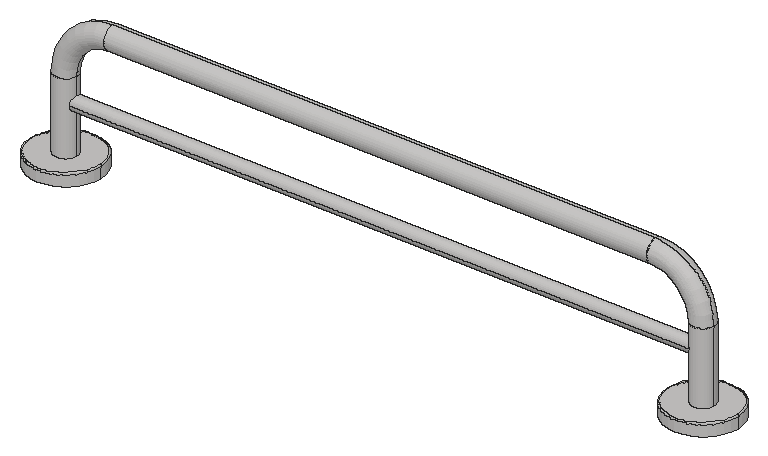
Revit family "PRD_AR_TwlRls_FIRMUSDoubleTowelRail_FIRX002HP", category Specialty Equipment, host Face, Revit 2018
Family settings
  Host = Face
  Round Connector Dimension = Use Diameter
  Part Type = Normal
  OmniClass Number = 23.40.20.21.27
  OmniClass Title = Towel Bars
  Cut with Voids When Loaded = No
  Shared = No
  Room Calculation Point = No
Parameters (values of type "FIRX002HP")
  WarrantyStartDate [instance] = "1900-12-31T23:59:59"
  WarrantyGuarantorParts = "n/a"
  WarrantyGuarantorLabor = "n/a"
  WarrantyDurationUnit = "year"
  WarrantyDurationParts = "n/a"
  WarrantyDurationLabor = "n/a"
  WarrantyDescription = "n/a"
  Version = "1"
  Uniclass2015Version = "Products v1.17"
  Uniclass2015Title = "Towel rails"
  Uniclass2015Code = "Pr_40_20_76_90"
  URL = "www.kwc.com"
  TypeOfMounting = "Wall mounting"
  TypeOfFixing = "Screw"
  TagNumber [instance] = "n/a"
  SustainabilityPerformance = "n/a"
  Style = "Rail"
  Size = "600 x 60 x 120 mm"
  Shape = "n/a"
  SerialNumber [instance] = "n/a"
  Revision = "n/a"
  ReplacementCost = "n/a"
  RailMaterial = PRD_AR_StainlessSteel_HighPolished
  ProductInformation = "https://pim.kwc.com/product/2000106267/attachment/datasheet?locale=en"
  NominalWidth = 600.00 mm
  NominalHeight = 60.00 mm
  NominalDepth = 120.00 mm
  NetWeight = 0.54 kg
  Name = "Double Towel Rail FIRX002HP"
  NBSTypeID = "n/a"
  NBSReference = "45-35-72/372"
  NBSOfficeMasterTag = "n/a"
  NBSNote = "n/a"
  NBSDescription = "Towel rails"
  NBSCertification = "n/a"
  ModelReference = "FIRX002HP"
  ModelNumber = "2000106267"
  Model = ModelReference  # "FIRX002HP"
  MaterialCode = "1.4301"
  Material = "stainless steel"
  ManufacturerURL = "www.kwc.com"
  ManufacturerName = "KWC Group AG"  # constant formula
  Manufacturer = ManufacturerName  # "KWC Group AG"
  MainColor = "stainless steel"
  IsBuiltIn = "TRUE"
  IntegralAccessories = "incl. stainless steel screws and dowels"
  InstallationDate [instance] = "1900-12-31T23:59:59"
  IfcExportType = "USERDEFINED"
  IfcExportAs = "IfcFurnitureType"
  GrossWeight = 0.73 kg
  Grade = "n/a"
  Finish = "high polished"
  Features = "stainless steel, surface high polished"
  ExpectedLife = "n/a"
  DurationUnit = "year"
  Description = "Double towel rail for wall mounting, 304 stainless steel, round covers with drilled hole on bottom for fixation, inclusive stainless steel screws and dowels."
  Default Elevation = 1200.00 mm
  CreateOn = "05/2020"  # constant formula
  Constituents = "n/a"
  Color = "n/a"
  CodePerformance = "n/a"
  Category = "Pr_40_20_76_90, Towel rails"
  BarCode [instance] = "n/a"
  BIMObjectName = "PRD_AR_TowelRails_FIRMUSDoubleTowelRail_FIRX002HP"
  Author = "Archispace"  # constant formula
  AssetType = "Fixed"
  AssetIdentifier [instance] = "n/a"
  AccessibilityPerformance = "n/a"
Reference planes
  plane 1 "Center (Front/Back)": y = 0
  plane 2: z = 0
  plane 3 "Center (Left/Right)": x = 0
  plane 4: through (0, 126.53, 100.48) normal (0, -0.7071, 0.7071)
  plane 5: through (0, -10.935, 59.177) normal (0, -0.1736, 0.9848)
  plane 6: x = -300
  plane 7: x = 300
  plane 8: x = 270
  plane 9: x = -270
Forms (mm)
  Extrusion 1, solid, material "PRD_AR_StainlessSteel_HighPolished" <- "RailMaterial", detail levels fine
    sketch origin (0, 0, 0) x (1, 0, 0) y (0, 1, 0)
      loop
        circle (-270, 0) r 30
      loop
        circle (270, 0) r 30
    from 0 to 10
  Sweep 2, solid, material "PRD_AR_StainlessSteel_HighPolished" <- "RailMaterial", detail levels medium+fine
    path origin (0, 0, 0) x (1, 0, 0) y (0, 0, 1)
      loop
        line (-270, 10) -> (-270, 70.5)
        arc (-270, 70.5) -> (-258.284, 98.784) -> (-230, 110.5) r 40
        line (-230, 110.5) -> (230, 110.5)
        arc (230, 110.5) -> (258.284, 98.784) -> (270, 70.5) r 40
        line (270, 70.5) -> (270, 10)
    profile origin (-270, 0, 40.25) x (-1, 0, 0) y (0, -1, 0)
      loop
        circle (0, 0) r 9.5
  Extrusion 3, solid, material "PRD_AR_StainlessSteel_HighPolished" <- "RailMaterial", detail levels medium
    sketch origin (0, 0, 0) x (1, 0, 0) y (0, 1, 0)
      loop
        circle (-270, 0) r 30
      loop
        circle (270, 0) r 30
    from 0 to 10
  Sweep 4, void
    path in 3D
      loop
        arc (-240, 0, 10) -> (-270, -30, 10) -> (-300, 0, 10) r 30
        arc (-300, 0, 10) -> (-270, 30, 10) -> (-240, 0, 10) r 30
    profile origin (-270, 30, 10) x (0, 1, 0) y (0, 0, 1)
      loop
        line (0, 0) -> (-1, 0)
        arc (-1, 0) -> (-0.293, -0.293) -> (0, -1) r 1
        line (0, -1) -> (0, 0)
  Sweep 5, void
    path in 3D
      loop
        arc (240, 0, 10) -> (270, 30, 10) -> (300, 0, 10) r 30
        arc (300, 0, 10) -> (270, -30, 10) -> (240, 0, 10) r 30
    profile origin (270, -30, 10) x (0, -1, 0) y (0, 0, 1)
      loop
        line (0, 0) -> (-1, 0)
        arc (-1, 0) -> (-0.293, -0.293) -> (0, -1) r 1
        line (0, -1) -> (0, 0)
  Extrusion 6, solid, material "PRD_AR_StainlessSteel_HighPolished" <- "RailMaterial", detail levels coarse
    sketch origin (0, 0, 0) x (1, 0, 0) y (0, 1, 0)
      loop
        line (-300, 30) -> (-300, -30) -> (300, -30) -> (300, 30) -> (-300, 30)
    from 0 to 120
  Sweep 7, solid, material "PRD_AR_StainlessSteel_HighPolished" <- "RailMaterial", detail levels medium+fine
    path origin (0, 0, 0) x (1, 0, 0) y (0, 0, 1)
      loop
        line (-270, 50) -> (270, 50)
    profile origin (0, 0, 50) x (0, 0, 1) y (0, -1, 0)
      loop
        circle (0, 0) r 6
Cuts and joins
  Sweep 4, Sweep 5 cuts Extrusion 1
  joined: Sweep 2, Sweep 7
Lines and regions (mm)
  sketch lines
    curve 1: arc (-300, 0, 10) -> (-270, 30, 10) -> (-240, 0, 10) r 30
    curve 2: arc (-240, 0, 10) -> (-270, -30, 10) -> (-300, 0, 10) r 30
    curve 3: arc (300, 0, 10) -> (270, -30, 10) -> (240, 0, 10) r 30
    curve 4: arc (240, 0, 10) -> (270, 30, 10) -> (300, 0, 10) r 30
Dimensions and locks
  plane 6 to plane 3 "Center (Left/Right)" = 300.00 mm
  plane 3 "Center (Left/Right)" to plane 7 = 300.00 mm
  plane 9 to plane 3 "Center (Left/Right)" = 270.00 mm
  plane 3 "Center (Left/Right)" to plane 8 = 270.00 mm
  aligned and locked: plane 2 to host face
  aligned and locked: level to host face
